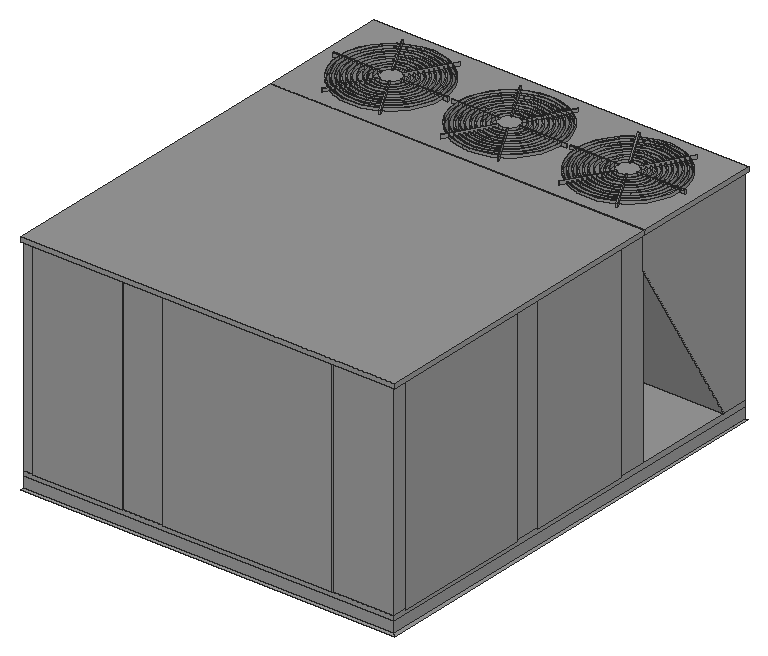
Revit family "RTU-3", category Mechanical Equipment, host Face, Revit 2025
Family settings
  Host = Face
  Round Connector Dimension = Use Diameter
  Classification = None
  Part Type = Normal
  Cut with Voids When Loaded = No
  Maintain Annotation Orientation = Yes
  Shared = No
  Room Calculation Point = No
Parameters (values of type "LCH 156 H4B L 1Y")
  URL = "https://tech.lennoxintl.com/C03e7o14l/VIu12Ch2uV/ehb_lch_cbox_2109.pdf"
  Model = "LCH 156 H4B L 1Y"
  Material = Aluminum 1100-O
  Manufacturer = "LENNOX"
  Grill Material = Steel, Paint Finish, Dark Gray
  Default Elevation = 48"
Reference planes (in)
  plane 1 "Center (Front/Back)": y = 0
  plane 2: z = 0
  plane 3 "Center (Left/Right)": x = 0
  plane 4: z = 53.5625
  plane 5: x = 44.5625
  plane 6: x = -44.5625
  plane 7: y = -52.75
  plane 8: y = 22.0625
  plane 9: z = 45.75
  plane 10: z = 54.625
  plane 11: y = 52.75
  plane 12: y = 46.375
  plane 13: x = -28.53125
  plane 14: y = 37.65625
  plane 15: x = 28.53125
  plane 16: x = 0
  plane 17: x = -12.5
  plane 18: x = 12.5
  plane 19: x = -30.90625
  plane 20: x = -31.90625
  plane 21: x = -32.90625
  plane 22: x = -33.90625
  plane 23: x = -34.90625
  plane 24: x = -35.90625
  plane 25: x = -36.90625
  plane 26: x = -37.90625
  plane 27: x = -38.90625
  plane 28: x = -39.90625
  plane 29: x = -40.90625
  plane 30: x = -42.34375
  plane 31: x = -41.03125
  plane 32: z = 55.25
  plane 33: x = -14.71875
  plane 34: x = -16.03125
  plane 35: through (-28.53125, 37.65625, 55) normal (-0.7071, -0.7071, 0)
  plane 36: through (-28.53125, 37.65625, 55) normal (-0.7071, 0.7071, 0)
  plane 37: through (-28.53125, 37.65625, 55) normal (0.7071, -0.7071, 0)
  plane 38: through (-28.53125, 37.65625, 55) normal (0.7071, 0.7071, 0)
  plane 39: x = -30.90625
  plane 40: x = -31.90625
  plane 41: x = -32.90625
  plane 42: x = -33.90625
  plane 43: x = -34.90625
  plane 44: x = -35.90625
  plane 45: x = -36.90625
  plane 46: x = -37.90625
  plane 47: x = -38.90625
  plane 48: x = -39.90625
  plane 49: x = -40.90625
  plane 50: x = -42.34375
  plane 51: x = -41.03125
  plane 52: x = -14.71875
  plane 53: x = -16.03125
  plane 54: x = -2.375
  plane 55: x = -3.375
  plane 56: x = -4.375
  plane 57: x = -5.375
  plane 58: x = -6.375
  plane 59: x = -7.375
  plane 60: x = -8.375
  plane 61: x = -9.375
  plane 62: x = -10.375
  plane 63: x = -11.375
  plane 64: x = -12.375
  plane 65: x = -13.8125
  plane 66: x = -12.5
  plane 67: x = 13.8125
  plane 68: x = 12.5
  plane 69: x = 26.15625
  plane 70: x = 25.15625
  plane 71: x = 24.15625
  plane 72: x = 23.15625
  plane 73: x = 22.15625
  plane 74: x = 21.15625
  plane 75: x = 20.15625
  plane 76: x = 19.15625
  plane 77: x = 18.15625
  plane 78: x = 17.15625
  plane 79: x = 16.15625
  plane 80: x = 14.71875
  plane 81: x = 16.03125
  plane 82: x = 42.34375
  plane 83: x = 41.03125
  plane 84: through (-34.15405, 50.35923, 110.75) normal (0.5, -0.866, 0)
  plane 85: through (-34.78125, 48.48157, 110.75) normal (-0.5, 0.866, 0)
  plane 86: through (-22.90845, 50.35923, 110.75) normal (0.5, 0.866, 0)
  plane 87: through (-22.28125, 48.48157, 110.75) normal (-0.5, -0.866, 0)
  plane 88: through (-34.15405, 24.95327, 110.75) normal (-0.5, -0.866, 0)
  plane 89: through (-34.78125, 26.83093, 110.75) normal (0.5, 0.866, 0)
  plane 90: through (-22.90845, 24.95327, 110.75) normal (-0.5, 0.866, 0)
  plane 91: through (-22.28125, 26.83093, 110.75) normal (0.5, -0.866, 0)
  plane 92: through (-34.15405, 50.35923, 110.75) normal (0.5, -0.866, 0)
  plane 93: through (-34.78125, 48.48157, 110.75) normal (-0.5, 0.866, 0)
  plane 94: through (-22.90845, 50.35923, 110.75) normal (0.5, 0.866, 0)
  plane 95: through (-22.28125, 48.48157, 110.75) normal (-0.5, -0.866, 0)
  plane 96: through (-34.15405, 24.95327, 110.75) normal (-0.5, -0.866, 0)
  plane 97: through (-34.78125, 26.83093, 110.75) normal (0.5, 0.866, 0)
  plane 98: through (-22.90845, 24.95327, 110.75) normal (-0.5, 0.866, 0)
  plane 99: through (-22.28125, 26.83093, 110.75) normal (0.5, -0.866, 0)
  plane 100: through (-5.6228, 50.35923, 110.75) normal (0.5, -0.866, 0)
  plane 101: through (-6.25, 48.48157, 110.75) normal (-0.5, 0.866, 0)
  plane 102: through (5.6228, 50.35923, 110.75) normal (0.5, 0.866, 0)
  plane 103: through (6.25, 48.48157, 110.75) normal (-0.5, -0.866, 0)
  plane 104: through (-5.6228, 24.95327, 110.75) normal (-0.5, -0.866, 0)
  plane 105: through (-6.25, 26.83093, 110.75) normal (0.5, 0.866, 0)
  plane 106: through (5.6228, 24.95327, 110.75) normal (-0.5, 0.866, 0)
  plane 107: through (6.25, 26.83093, 110.75) normal (0.5, -0.866, 0)
  plane 108: through (22.90845, 50.35923, 110.75) normal (0.5, -0.866, 0)
  plane 109: through (22.28125, 48.48157, 110.75) normal (-0.5, 0.866, 0)
  plane 110: through (34.15405, 50.35923, 110.75) normal (0.5, 0.866, 0)
  plane 111: through (34.78125, 48.48157, 110.75) normal (-0.5, -0.866, 0)
  plane 112: through (22.90845, 24.95327, 110.75) normal (-0.5, -0.866, 0)
  plane 113: through (22.28125, 26.83093, 110.75) normal (0.5, 0.866, 0)
  plane 114: through (34.15405, 24.95327, 110.75) normal (-0.5, 0.866, 0)
  plane 115: through (34.78125, 26.83093, 110.75) normal (0.5, -0.866, 0)
  plane 116: x = 44.5625
Forms (in)
  Extrusion 1, solid, material "Aluminum 1100-O" <- "Material"
    sketch origin (0, 0, 0) x (1, 0, 0) y (0, 1, 0)
      loop
        line (-44.5625, 22.0625) -> (-44.5625, -52.75) -> (44.5625, -52.75) -> (44.5625, 22.0625) -> (-44.5625, 22.0625)
    from 4.125 to 53.5625
  Extrusion 2, solid, material "Aluminum 1100-O" <- "Material"
    sketch origin (0, 0, -50.125) x (1, 0, 0) y (0, 1, 0)
      loop
        line (-44.5625, 52.75) -> (-44.5625, -52.75) -> (44.5625, -52.75) -> (44.5625, 52.75) -> (-44.5625, 52.75)
    from 53.0625 to 54.25
  Extrusion 3, solid, material "Aluminum 1100-O" <- "Material"
    sketch origin (0, 0, -51.3125) x (1, 0, 0) y (0, 1, 0)
      loop
        line (-44.5625, 52.75) -> (-44.5625, -52.75) -> (44.5625, -52.75) -> (44.5625, 52.75) -> (-44.5625, 52.75)
    from 51.6875 to 54.25
  Blend 4, solid, material "Aluminum 1100-O" <- "Material"
    base sketch origin (0, 0, 0) x (1, 0, 0) y (0, 1, 0)
      loop
        line (-45.0625, 53.25) -> (-45.0625, -53.25) -> (45.0625, -53.25) -> (45.0625, 53.25) -> (-45.0625, 53.25)
    top sketch origin (0, 0, 0) x (1, 0, 0) y (0, 1, 0)
      loop
        line (-44.5625, 52.75) -> (-44.5625, -52.75) -> (44.5625, -52.75) -> (44.5625, 52.75) -> (-44.5625, 52.75)
    from 0 to 0.375
  Extrusion 5, solid, material "Aluminum 1100-O" <- "Material"
    sketch origin (0, 0, 0) x (0, 1, 0) y (0, 0, 1)
      loop
        line (22.0625, 45.75) -> (46.375, 4.125) -> (52.75, 4.125) -> (52.75, 53.5625) -> (22.0625, 53.5625) -> (22.0625, 45.75)
    from -44.5625 to 44.5625
  Extrusion 6, solid, material "Aluminum 1100-O" <- "Material"
    sketch origin (0, 0, 0) x (1, 0, 0) y (0, 1, 0)
      loop
        line (-45.0625, 22.0625) -> (-45.0625, -53.25) -> (45.0625, -53.25) -> (45.0625, 22.0625) -> (-45.0625, 22.0625)
    from 53.5625 to 54.625
  Extrusion 7, solid, material "Aluminum 1100-O" <- "Material"
    sketch origin (0, 75.3125, 0) x (1, 0, 0) y (0, 1, 0)
      loop
        line (-45.0625, -22.0625) -> (-45.0625, -53.25) -> (45.0625, -53.25) -> (45.0625, -22.0625) -> (-45.0625, -22.0625)
    from 53.5625 to 54.625
  Extrusion 8, void
    sketch origin (-8.58719, -1.71744, 0) x (1, 0, 0) y (0, 1, 0)
      loop
        circle (8.58719, 39.37369) r 12.5
      loop
        circle (-19.94406, 39.37369) r 12.5
      loop
        circle (37.11844, 39.37369) r 12.5
    from 45.45857 to 54.625
  Extrusion 9, solid, material "Steel, Paint Finish, Dark Gray" <- "Grill Material"
    sketch origin (0, 0, 54.625) x (1, 0, 0) y (0, 1, 0)
      loop
        circle (-28.53125, 37.65625) r 2.375
      loop
        circle (-28.53125, 37.65625) r 3.375
      loop
        circle (-28.53125, 37.65625) r 3.5
      loop
        circle (-28.53125, 37.65625) r 4.375
      loop
        circle (-28.53125, 37.65625) r 5.25
      loop
        circle (-28.53125, 37.65625) r 4.5
      loop
        circle (-28.53125, 37.65625) r 5.375
      loop
        circle (-28.53125, 37.65625) r 6.375
      loop
        circle (-28.53125, 37.65625) r 7.375
      loop
        circle (-28.53125, 37.65625) r 9.375
      loop
        circle (-28.53125, 37.65625) r 10.375
      loop
        circle (-28.53125, 37.65625) r 11.375
      loop
        circle (-28.53125, 37.65625) r 12.375
      loop
        circle (-28.53125, 37.65625) r 12.5
      loop
        circle (-28.53125, 37.65625) r 7.5
      loop
        circle (-28.53125, 37.65625) r 9.5
      loop
        circle (-28.53125, 37.65625) r 10.5
      loop
        circle (-28.53125, 37.65625) r 11.5
      loop
        circle (-28.53125, 37.65625) r 8.375
      loop
        circle (-28.53125, 37.65625) r 8.5
      loop
        circle (-28.53125, 37.65625) r 6.5
    from 0 to 0.625
  Extrusion 10, solid, material "Steel, Paint Finish, Dark Gray" <- "Grill Material"
    sketch origin (0, 0, 55.75) x (1, 0, 0) y (0, 1, 0)
      loop
        line (-42.34375, 37.78125) -> (-42.34375, 37.53125) -> (-30.90296, 37.53125)
        arc (-30.90296, 37.53125) -> (-30.90543, 37.59373) -> (-30.90625, 37.65625) r 2.375
        arc (-30.90625, 37.65625) -> (-30.90543, 37.71877) -> (-30.90296, 37.78125) r 2.375
        line (-30.90296, 37.78125) -> (-42.34375, 37.78125)
    from -1.125 to -0.3427
  Extrusion 11, solid, material "Steel, Paint Finish, Dark Gray" <- "Grill Material"
    sketch origin (-57.0625, 0, 55.75) x (-1, 0, 0) y (0, -1, 0)
      loop
        line (-42.34375, -37.78125) -> (-30.90296, -37.78125)
        arc (-30.90296, -37.78125) -> (-30.90543, -37.71877) -> (-30.90625, -37.65625) r 2.375
        arc (-30.90625, -37.65625) -> (-30.90543, -37.59373) -> (-30.90296, -37.53125) r 2.375
        line (-30.90296, -37.53125) -> (-42.34375, -37.53125) -> (-42.34375, -37.78125)
    from -1.125 to -0.3427
  Extrusion 12, solid, material "Steel, Paint Finish, Dark Gray" <- "Grill Material", not visible
    sketch origin (0, 0, 54.625) x (1, 0, 0) y (0, 1, 0)
      loop
        circle (-28.53125, 37.65625) r 2.375
      loop
        circle (-28.53125, 37.65625) r 3.375
      loop
        circle (-28.53125, 37.65625) r 3.5
      loop
        circle (-28.53125, 37.65625) r 4.375
      loop
        circle (-28.53125, 37.65625) r 5.25
      loop
        circle (-28.53125, 37.65625) r 4.5
      loop
        circle (-28.53125, 37.65625) r 5.375
      loop
        circle (-28.53125, 37.65625) r 6.375
      loop
        circle (-28.53125, 37.65625) r 7.375
      loop
        circle (-28.53125, 37.65625) r 9.375
      loop
        circle (-28.53125, 37.65625) r 10.375
      loop
        circle (-28.53125, 37.65625) r 11.375
      loop
        circle (-28.53125, 37.65625) r 12.375
      loop
        circle (-28.53125, 37.65625) r 12.5
      loop
        circle (-28.53125, 37.65625) r 7.5
      loop
        circle (-28.53125, 37.65625) r 9.5
      loop
        circle (-28.53125, 37.65625) r 10.5
      loop
        circle (-28.53125, 37.65625) r 11.5
      loop
        circle (-28.53125, 37.65625) r 8.375
      loop
        circle (-28.53125, 37.65625) r 8.5
      loop
        circle (-28.53125, 37.65625) r 6.5
    from 0 to 0.625
  Extrusion 13, solid, material "Steel, Paint Finish, Dark Gray" <- "Grill Material", not visible
    sketch origin (0, 0, 55.75) x (1, 0, 0) y (0, 1, 0)
      loop
        line (-42.34375, 37.78125) -> (-42.34375, 37.53125) -> (-30.90296, 37.53125)
        arc (-30.90296, 37.53125) -> (-30.90543, 37.59373) -> (-30.90625, 37.65625) r 2.375
        arc (-30.90625, 37.65625) -> (-30.90543, 37.71877) -> (-30.90296, 37.78125) r 2.375
        line (-30.90296, 37.78125) -> (-42.34375, 37.78125)
    from -1.125 to -0.3427
  Extrusion 14, solid, material "Steel, Paint Finish, Dark Gray" <- "Grill Material", not visible
    sketch origin (-57.0625, 0, 55.75) x (-1, 0, 0) y (0, -1, 0)
      loop
        line (-42.34375, -37.78125) -> (-30.90296, -37.78125)
        arc (-30.90296, -37.78125) -> (-30.90543, -37.71877) -> (-30.90625, -37.65625) r 2.375
        arc (-30.90625, -37.65625) -> (-30.90543, -37.59373) -> (-30.90296, -37.53125) r 2.375
        line (-30.90296, -37.53125) -> (-42.34375, -37.53125) -> (-42.34375, -37.78125)
    from -1.125 to -0.3427
  Extrusion 15, solid, material "Steel, Paint Finish, Dark Gray" <- "Grill Material"
    sketch origin (28.53125, 0, 54.625) x (1, 0, 0) y (0, 1, 0)
      loop
        circle (-28.53125, 37.65625) r 2.375
      loop
        circle (-28.53125, 37.65625) r 3.375
      loop
        circle (-28.53125, 37.65625) r 3.5
      loop
        circle (-28.53125, 37.65625) r 4.375
      loop
        circle (-28.53125, 37.65625) r 5.25
      loop
        circle (-28.53125, 37.65625) r 4.5
      loop
        circle (-28.53125, 37.65625) r 5.375
      loop
        circle (-28.53125, 37.65625) r 6.375
      loop
        circle (-28.53125, 37.65625) r 7.375
      loop
        circle (-28.53125, 37.65625) r 9.375
      loop
        circle (-28.53125, 37.65625) r 10.375
      loop
        circle (-28.53125, 37.65625) r 11.375
      loop
        circle (-28.53125, 37.65625) r 12.375
      loop
        circle (-28.53125, 37.65625) r 12.5
      loop
        circle (-28.53125, 37.65625) r 7.5
      loop
        circle (-28.53125, 37.65625) r 9.5
      loop
        circle (-28.53125, 37.65625) r 10.5
      loop
        circle (-28.53125, 37.65625) r 11.5
      loop
        circle (-28.53125, 37.65625) r 8.375
      loop
        circle (-28.53125, 37.65625) r 8.5
      loop
        circle (-28.53125, 37.65625) r 6.5
    from 0 to 0.625
  Extrusion 16, solid, material "Steel, Paint Finish, Dark Gray" <- "Grill Material"
    sketch origin (28.53125, 0, 55.75) x (1, 0, 0) y (0, 1, 0)
      loop
        line (-42.34375, 37.78125) -> (-42.34375, 37.53125) -> (-30.90296, 37.53125)
        arc (-30.90296, 37.53125) -> (-30.90543, 37.59373) -> (-30.90625, 37.65625) r 2.375
        arc (-30.90625, 37.65625) -> (-30.90543, 37.71877) -> (-30.90296, 37.78125) r 2.375
        line (-30.90296, 37.78125) -> (-42.34375, 37.78125)
    from -1.125 to -0.3427
  Extrusion 17, solid, material "Steel, Paint Finish, Dark Gray" <- "Grill Material"
    sketch origin (-28.53125, 0, 55.75) x (-1, 0, 0) y (0, -1, 0)
      loop
        line (-42.34375, -37.78125) -> (-30.90296, -37.78125)
        arc (-30.90296, -37.78125) -> (-30.90543, -37.71877) -> (-30.90625, -37.65625) r 2.375
        arc (-30.90625, -37.65625) -> (-30.90543, -37.59373) -> (-30.90296, -37.53125) r 2.375
        line (-30.90296, -37.53125) -> (-42.34375, -37.53125) -> (-42.34375, -37.78125)
    from -1.125 to -0.3427
  Extrusion 18, solid, material "Steel, Paint Finish, Dark Gray" <- "Grill Material"
    sketch origin (57.0625, 0, 54.625) x (1, 0, 0) y (0, 1, 0)
      loop
        circle (-28.53125, 37.65625) r 2.375
      loop
        circle (-28.53125, 37.65625) r 3.375
      loop
        circle (-28.53125, 37.65625) r 3.5
      loop
        circle (-28.53125, 37.65625) r 4.375
      loop
        circle (-28.53125, 37.65625) r 5.25
      loop
        circle (-28.53125, 37.65625) r 4.5
      loop
        circle (-28.53125, 37.65625) r 5.375
      loop
        circle (-28.53125, 37.65625) r 6.375
      loop
        circle (-28.53125, 37.65625) r 7.375
      loop
        circle (-28.53125, 37.65625) r 9.375
      loop
        circle (-28.53125, 37.65625) r 10.375
      loop
        circle (-28.53125, 37.65625) r 11.375
      loop
        circle (-28.53125, 37.65625) r 12.375
      loop
        circle (-28.53125, 37.65625) r 12.5
      loop
        circle (-28.53125, 37.65625) r 7.5
      loop
        circle (-28.53125, 37.65625) r 9.5
      loop
        circle (-28.53125, 37.65625) r 10.5
      loop
        circle (-28.53125, 37.65625) r 11.5
      loop
        circle (-28.53125, 37.65625) r 8.375
      loop
        circle (-28.53125, 37.65625) r 8.5
      loop
        circle (-28.53125, 37.65625) r 6.5
    from 0 to 0.625
  Extrusion 19, solid, material "Steel, Paint Finish, Dark Gray" <- "Grill Material"
    sketch origin (57.0625, 0, 55.75) x (1, 0, 0) y (0, 1, 0)
      loop
        line (-42.34375, 37.78125) -> (-42.34375, 37.53125) -> (-30.90296, 37.53125)
        arc (-30.90296, 37.53125) -> (-30.90543, 37.59373) -> (-30.90625, 37.65625) r 2.375
        arc (-30.90625, 37.65625) -> (-30.90543, 37.71877) -> (-30.90296, 37.78125) r 2.375
        line (-30.90296, 37.78125) -> (-42.34375, 37.78125)
    from -1.125 to -0.3427
  Extrusion 20, solid, material "Steel, Paint Finish, Dark Gray" <- "Grill Material"
    sketch origin (0, 0, 55.75) x (-1, 0, 0) y (0, -1, 0)
      loop
        line (-42.34375, -37.78125) -> (-30.90296, -37.78125)
        arc (-30.90296, -37.78125) -> (-30.90543, -37.71877) -> (-30.90625, -37.65625) r 2.375
        arc (-30.90625, -37.65625) -> (-30.90543, -37.59373) -> (-30.90296, -37.53125) r 2.375
        line (-30.90296, -37.53125) -> (-42.34375, -37.53125) -> (-42.34375, -37.78125)
    from -1.125 to -0.3427
  Extrusion 21, void
    sketch origin (0, 0, 0) x (1, 0, 0) y (0, 1, 0)
      loop
        line (-40.8125, 20.5) -> (-40.8125, -39.5) -> (-19.44507, -39.5) -> (-19.44507, 20.5) -> (-40.8125, 20.5)
      loop
        line (-8.4375, 20.5) -> (-8.4375, -39.5) -> (11.5625, -39.5) -> (11.5625, 20.5) -> (-8.4375, 20.5)
      loop
        line (33.0625, -44.25) -> (33.0625, -49.25) -> (41.0625, -49.25) -> (41.0625, -44.25) -> (33.0625, -44.25)
    from 0 to 12
  Extrusion 22, solid, material "Steel, Paint Finish, Dark Gray" <- "Grill Material"
    sketch origin (-46.87689, -5.88066, 55.75) x (0.5, -0.866025, 0) y (0.866025, 0.5, 0)
      loop
        line (-42.34375, 37.78125) -> (-42.34375, 37.53125) -> (-30.90296, 37.53125)
        arc (-30.90296, 37.53125) -> (-30.90543, 37.59373) -> (-30.90625, 37.65625) r 2.375
        arc (-30.90625, 37.65625) -> (-30.90543, 37.71877) -> (-30.90296, 37.78125) r 2.375
        line (-30.90296, 37.78125) -> (-42.34375, 37.78125)
    from -1.125 to -0.3427
  Extrusion 23, solid, material "Steel, Paint Finish, Dark Gray" <- "Grill Material"
    sketch origin (-10.18561, -5.88066, 55.75) x (-0.5, -0.866025, 0) y (0.866025, -0.5, 0)
      loop
        line (-42.34375, -37.78125) -> (-30.90296, -37.78125)
        arc (-30.90296, -37.78125) -> (-30.90543, -37.71877) -> (-30.90625, -37.65625) r 2.375
        arc (-30.90625, -37.65625) -> (-30.90543, -37.59373) -> (-30.90296, -37.53125) r 2.375
        line (-30.90296, -37.53125) -> (-42.34375, -37.53125) -> (-42.34375, -37.78125)
    from -1.125 to -0.3427
  Extrusion 24, solid, material "Steel, Paint Finish, Dark Gray" <- "Grill Material"
    sketch origin (-46.87689, 81.19316, 55.75) x (0.5, 0.866025, 0) y (-0.866025, 0.5, 0)
      loop
        line (-42.34375, -37.78125) -> (-30.90296, -37.78125)
        arc (-30.90296, -37.78125) -> (-30.90543, -37.71877) -> (-30.90625, -37.65625) r 2.375
        arc (-30.90625, -37.65625) -> (-30.90543, -37.59373) -> (-30.90296, -37.53125) r 2.375
        line (-30.90296, -37.53125) -> (-42.34375, -37.53125) -> (-42.34375, -37.78125)
    from -1.125 to -0.3427
  Extrusion 25, solid, material "Steel, Paint Finish, Dark Gray" <- "Grill Material"
    sketch origin (-10.18561, 81.19316, 55.75) x (-0.5, 0.866025, 0) y (-0.866025, -0.5, 0)
      loop
        line (-42.34375, 37.78125) -> (-42.34375, 37.53125) -> (-30.90296, 37.53125)
        arc (-30.90296, 37.53125) -> (-30.90543, 37.59373) -> (-30.90625, 37.65625) r 2.375
        arc (-30.90625, 37.65625) -> (-30.90543, 37.71877) -> (-30.90296, 37.78125) r 2.375
        line (-30.90296, 37.78125) -> (-42.34375, 37.78125)
    from -1.125 to -0.3427
  Extrusion 26, solid, material "Steel, Paint Finish, Dark Gray" <- "Grill Material", not visible
    sketch origin (-46.87689, -5.88066, 55.75) x (0.5, -0.866025, 0) y (0.866025, 0.5, 0)
      loop
        line (-42.34375, 37.78125) -> (-42.34375, 37.53125) -> (-30.90296, 37.53125)
        arc (-30.90296, 37.53125) -> (-30.90543, 37.59373) -> (-30.90625, 37.65625) r 2.375
        arc (-30.90625, 37.65625) -> (-30.90543, 37.71877) -> (-30.90296, 37.78125) r 2.375
        line (-30.90296, 37.78125) -> (-42.34375, 37.78125)
    from -1.125 to -0.3427
  Extrusion 27, solid, material "Steel, Paint Finish, Dark Gray" <- "Grill Material", not visible
    sketch origin (-10.18561, -5.88066, 55.75) x (-0.5, -0.866025, 0) y (0.866025, -0.5, 0)
      loop
        line (-42.34375, -37.78125) -> (-30.90296, -37.78125)
        arc (-30.90296, -37.78125) -> (-30.90543, -37.71877) -> (-30.90625, -37.65625) r 2.375
        arc (-30.90625, -37.65625) -> (-30.90543, -37.59373) -> (-30.90296, -37.53125) r 2.375
        line (-30.90296, -37.53125) -> (-42.34375, -37.53125) -> (-42.34375, -37.78125)
    from -1.125 to -0.3427
  Extrusion 28, solid, material "Steel, Paint Finish, Dark Gray" <- "Grill Material", not visible
    sketch origin (-46.87689, 81.19316, 55.75) x (0.5, 0.866025, 0) y (-0.866025, 0.5, 0)
      loop
        line (-42.34375, -37.78125) -> (-30.90296, -37.78125)
        arc (-30.90296, -37.78125) -> (-30.90543, -37.71877) -> (-30.90625, -37.65625) r 2.375
        arc (-30.90625, -37.65625) -> (-30.90543, -37.59373) -> (-30.90296, -37.53125) r 2.375
        line (-30.90296, -37.53125) -> (-42.34375, -37.53125) -> (-42.34375, -37.78125)
    from -1.125 to -0.3427
  Extrusion 29, solid, material "Steel, Paint Finish, Dark Gray" <- "Grill Material", not visible
    sketch origin (-10.18561, 81.19316, 55.75) x (-0.5, 0.866025, 0) y (-0.866025, -0.5, 0)
      loop
        line (-42.34375, 37.78125) -> (-42.34375, 37.53125) -> (-30.90296, 37.53125)
        arc (-30.90296, 37.53125) -> (-30.90543, 37.59373) -> (-30.90625, 37.65625) r 2.375
        arc (-30.90625, 37.65625) -> (-30.90543, 37.71877) -> (-30.90296, 37.78125) r 2.375
        line (-30.90296, 37.78125) -> (-42.34375, 37.78125)
    from -1.125 to -0.3427
  Extrusion 30, solid, material "Steel, Paint Finish, Dark Gray" <- "Grill Material"
    sketch origin (-18.34564, -5.88066, 55.75) x (0.5, -0.866025, 0) y (0.866025, 0.5, 0)
      loop
        line (-42.34375, 37.78125) -> (-42.34375, 37.53125) -> (-30.90296, 37.53125)
        arc (-30.90296, 37.53125) -> (-30.90543, 37.59373) -> (-30.90625, 37.65625) r 2.375
        arc (-30.90625, 37.65625) -> (-30.90543, 37.71877) -> (-30.90296, 37.78125) r 2.375
        line (-30.90296, 37.78125) -> (-42.34375, 37.78125)
    from -1.125 to -0.3427
  Extrusion 31, solid, material "Steel, Paint Finish, Dark Gray" <- "Grill Material"
    sketch origin (18.34564, -5.88066, 55.75) x (-0.5, -0.866025, 0) y (0.866025, -0.5, 0)
      loop
        line (-42.34375, -37.78125) -> (-30.90296, -37.78125)
        arc (-30.90296, -37.78125) -> (-30.90543, -37.71877) -> (-30.90625, -37.65625) r 2.375
        arc (-30.90625, -37.65625) -> (-30.90543, -37.59373) -> (-30.90296, -37.53125) r 2.375
        line (-30.90296, -37.53125) -> (-42.34375, -37.53125) -> (-42.34375, -37.78125)
    from -1.125 to -0.3427
  Extrusion 32, solid, material "Steel, Paint Finish, Dark Gray" <- "Grill Material"
    sketch origin (-18.34564, 81.19316, 55.75) x (0.5, 0.866025, 0) y (-0.866025, 0.5, 0)
      loop
        line (-42.34375, -37.78125) -> (-30.90296, -37.78125)
        arc (-30.90296, -37.78125) -> (-30.90543, -37.71877) -> (-30.90625, -37.65625) r 2.375
        arc (-30.90625, -37.65625) -> (-30.90543, -37.59373) -> (-30.90296, -37.53125) r 2.375
        line (-30.90296, -37.53125) -> (-42.34375, -37.53125) -> (-42.34375, -37.78125)
    from -1.125 to -0.3427
  Extrusion 33, solid, material "Steel, Paint Finish, Dark Gray" <- "Grill Material"
    sketch origin (18.34564, 81.19316, 55.75) x (-0.5, 0.866025, 0) y (-0.866025, -0.5, 0)
      loop
        line (-42.34375, 37.78125) -> (-42.34375, 37.53125) -> (-30.90296, 37.53125)
        arc (-30.90296, 37.53125) -> (-30.90543, 37.59373) -> (-30.90625, 37.65625) r 2.375
        arc (-30.90625, 37.65625) -> (-30.90543, 37.71877) -> (-30.90296, 37.78125) r 2.375
        line (-30.90296, 37.78125) -> (-42.34375, 37.78125)
    from -1.125 to -0.3427
  Extrusion 34, solid, material "Steel, Paint Finish, Dark Gray" <- "Grill Material"
    sketch origin (10.18561, -5.88066, 55.75) x (0.5, -0.866025, 0) y (0.866025, 0.5, 0)
      loop
        line (-42.34375, 37.78125) -> (-42.34375, 37.53125) -> (-30.90296, 37.53125)
        arc (-30.90296, 37.53125) -> (-30.90543, 37.59373) -> (-30.90625, 37.65625) r 2.375
        arc (-30.90625, 37.65625) -> (-30.90543, 37.71877) -> (-30.90296, 37.78125) r 2.375
        line (-30.90296, 37.78125) -> (-42.34375, 37.78125)
    from -1.125 to -0.3427
  Extrusion 35, solid, material "Steel, Paint Finish, Dark Gray" <- "Grill Material"
    sketch origin (46.87689, -5.88066, 55.75) x (-0.5, -0.866025, 0) y (0.866025, -0.5, 0)
      loop
        line (-42.34375, -37.78125) -> (-30.90296, -37.78125)
        arc (-30.90296, -37.78125) -> (-30.90543, -37.71877) -> (-30.90625, -37.65625) r 2.375
        arc (-30.90625, -37.65625) -> (-30.90543, -37.59373) -> (-30.90296, -37.53125) r 2.375
        line (-30.90296, -37.53125) -> (-42.34375, -37.53125) -> (-42.34375, -37.78125)
    from -1.125 to -0.3427
  Extrusion 36, solid, material "Steel, Paint Finish, Dark Gray" <- "Grill Material"
    sketch origin (10.18561, 81.19316, 55.75) x (0.5, 0.866025, 0) y (-0.866025, 0.5, 0)
      loop
        line (-42.34375, -37.78125) -> (-30.90296, -37.78125)
        arc (-30.90296, -37.78125) -> (-30.90543, -37.71877) -> (-30.90625, -37.65625) r 2.375
        arc (-30.90625, -37.65625) -> (-30.90543, -37.59373) -> (-30.90296, -37.53125) r 2.375
        line (-30.90296, -37.53125) -> (-42.34375, -37.53125) -> (-42.34375, -37.78125)
    from -1.125 to -0.3427
  Extrusion 37, solid, material "Steel, Paint Finish, Dark Gray" <- "Grill Material"
    sketch origin (46.87689, 81.19316, 55.75) x (-0.5, 0.866025, 0) y (-0.866025, -0.5, 0)
      loop
        line (-42.34375, 37.78125) -> (-42.34375, 37.53125) -> (-30.90296, 37.53125)
        arc (-30.90296, 37.53125) -> (-30.90543, 37.59373) -> (-30.90625, 37.65625) r 2.375
        arc (-30.90625, 37.65625) -> (-30.90543, 37.71877) -> (-30.90296, 37.78125) r 2.375
        line (-30.90296, 37.78125) -> (-42.34375, 37.78125)
    from -1.125 to -0.3427
Cuts and joins
  Extrusion 8, Extrusion 21 cuts Extrusion 2
  Extrusion 8, Extrusion 21 cuts Extrusion 3
  Extrusion 8, Extrusion 21 cuts Blend 4
  Extrusion 8 cuts Extrusion 5
  Extrusion 8 cuts Extrusion 7
  Extrusion 21 cuts Extrusion 1
Dimensions and locks (in)
  equal spacing: Extrusion 1 sketch curve, plane 3 "Center (Left/Right)", Extrusion 1 sketch curve
  plane 3 "Center (Left/Right)" to Extrusion 1 sketch curve = 44 9/16"
  Extrusion 1 sketch curve to Extrusion 1 sketch curve = 89 1/8"
  plane 1 "Center (Front/Back)" to Extrusion 1 sketch curve = 52 3/4"
  Extrusion 1 sketch curve to Extrusion 1 sketch curve = 74 13/16"
  plane 4 to plane 2 = 53 9/16"  (x2)
  Extrusion 1 to nested 1 = 3 1/8"  (x2)
  plane 4 to nested 1 = 0"
  nested 1 to nested 2 = 6 3/8"
  plane 2 to plane 4 = 53 9/16"
  Extrusion 2 sketch curve to Extrusion 2 sketch curve = 89 1/8"  (x2)
  Extrusion 2 sketch curve to Extrusion 2 sketch curve = 105 1/2"  (x2)
  Extrusion 3 sketch curve to Extrusion 3 sketch curve = 89 1/8"  (x2)
  Extrusion 3 sketch curve to Extrusion 3 sketch curve = 105 1/2"  (x2)
  plane 6 to Extrusion 1 = 0"
  nested 1 to nested 1 = 33 1/2"
  equal spacing: cut or joined group of Extrusion 7, Extrusion 8, plane 14, cut or joined group of Extrusion 7, Extrusion 8
  equal spacing: plane 6, plane 13, plane 17
  equal spacing: plane 18, plane 15, plane 5
  Extrusion 6 to Extrusion 21 sketch curve = 4 1/4"
  Extrusion 21 sketch curve to Extrusion 6 = 13 3/4"
  Extrusion 21 sketch curve to Extrusion 21 sketch curve = 60"
  cut or joined group of Extrusion 1, Extrusion 21 to Extrusion 6 = 1/2"
  Extrusion 21 sketch curve to plane 116 = 33"
  plane 7 to Extrusion 21 sketch curve = 73 1/4"
  aligned and locked: host face to plane 2
  aligned and locked: host face to level
  aligned and locked: plane 4 to Extrusion 1
  aligned and locked: plane 4 to Extrusion 5
  aligned and locked: Extrusion 6 to plane 4
  aligned and locked: plane 10 to Extrusion 6
Automatic sketch dimensions
  Extrusion 9 sketch curve to Extrusion 9 sketch curve = 0"  (x460)
  Extrusion 10 sketch curve to Extrusion 10 sketch curve = 0"  (x4)
  Extrusion 10 sketch curve to plane 30 = 0"
  Extrusion 11 sketch curve to Extrusion 11 sketch curve = 0"  (x4)
  Extrusion 11 sketch curve to plane 33 = 0"
  Extrusion 9 sketch curve to plane 19 = 2 3/8"
  Extrusion 10 sketch curve to plane 31 = 10.12829"
  Extrusion 10 sketch curve to Extrusion 10 sketch curve = 2.37171"
  Extrusion 10 sketch curve to Extrusion 10 sketch curve = 1/8"
  Extrusion 11 sketch curve to plane 34 = 10.12829"
  Extrusion 11 sketch curve to Extrusion 11 sketch curve = 2.37171"
  Extrusion 11 sketch curve to Extrusion 11 sketch curve = 1/8"
  Extrusion 12 sketch curve to Extrusion 12 sketch curve = 0"  (x460)
  Extrusion 13 sketch curve to Extrusion 13 sketch curve = 0"  (x4)
  Extrusion 13 sketch curve to plane 50 = 0"
  Extrusion 14 sketch curve to Extrusion 14 sketch curve = 0"  (x4)
  Extrusion 14 sketch curve to plane 52 = 0"
  Extrusion 12 sketch curve to plane 39 = 2 3/8"
  Extrusion 13 sketch curve to plane 51 = 10.12829"
  Extrusion 13 sketch curve to Extrusion 13 sketch curve = 2.37171"
  Extrusion 13 sketch curve to Extrusion 13 sketch curve = 1/8"
  Extrusion 14 sketch curve to plane 53 = 10.12829"
  Extrusion 14 sketch curve to Extrusion 14 sketch curve = 2.37171"
  Extrusion 14 sketch curve to Extrusion 14 sketch curve = 1/8"
  Extrusion 15 sketch curve to Extrusion 15 sketch curve = 0"  (x460)
  Extrusion 16 sketch curve to Extrusion 16 sketch curve = 0"  (x4)
  Extrusion 16 sketch curve to plane 65 = 0"
  Extrusion 17 sketch curve to Extrusion 17 sketch curve = 0"  (x4)
  Extrusion 17 sketch curve to plane 67 = 0"
  Extrusion 15 sketch curve to plane 54 = 2 3/8"
  Extrusion 16 sketch curve to plane 66 = 10.12829"
  Extrusion 16 sketch curve to Extrusion 16 sketch curve = 2.37171"
  Extrusion 16 sketch curve to Extrusion 16 sketch curve = 1/8"
  Extrusion 17 sketch curve to plane 68 = 10.12829"
  Extrusion 17 sketch curve to Extrusion 17 sketch curve = 2.37171"
  Extrusion 17 sketch curve to Extrusion 17 sketch curve = 1/8"
  host sketch curve to host sketch curve = 306.31449"
  host sketch curve to host sketch curve = 326.2252"
  Extrusion 2 sketch curve to plane 6 = 0"
  plane 7 to Extrusion 2 sketch curve = 0"
  Extrusion 3 sketch curve to plane 6 = 0"
  plane 7 to Extrusion 3 sketch curve = 0"
  Extrusion 18 sketch curve to Extrusion 18 sketch curve = 0"  (x460)
  Extrusion 19 sketch curve to Extrusion 19 sketch curve = 0"  (x4)
  Extrusion 19 sketch curve to plane 80 = 0"
  Extrusion 20 sketch curve to Extrusion 20 sketch curve = 0"  (x4)
  Extrusion 20 sketch curve to plane 82 = 0"
  Extrusion 18 sketch curve to plane 69 = 2 3/8"
  Extrusion 19 sketch curve to plane 81 = 10.12829"
  Extrusion 19 sketch curve to Extrusion 19 sketch curve = 2.37171"
  Extrusion 19 sketch curve to Extrusion 19 sketch curve = 1/8"
  Extrusion 20 sketch curve to plane 83 = 10.12829"
  Extrusion 20 sketch curve to Extrusion 20 sketch curve = 2.37171"
  Extrusion 20 sketch curve to Extrusion 20 sketch curve = 1/8"
  Extrusion 22 sketch curve to Extrusion 22 sketch curve = 0"  (x6)
  plane 84 to Extrusion 22 sketch curve = 0"  (x2)
  Extrusion 22 sketch curve to plane 85 = 10.12829"  (x2)
  Extrusion 22 sketch curve to Extrusion 22 sketch curve = 2.37171"  (x2)
  Extrusion 22 sketch curve to Extrusion 22 sketch curve = 1/8"  (x2)
  Extrusion 23 sketch curve to Extrusion 23 sketch curve = 0"  (x6)
  plane 86 to Extrusion 23 sketch curve = 0"  (x2)
  Extrusion 23 sketch curve to plane 87 = 10.12829"  (x2)
  Extrusion 23 sketch curve to Extrusion 23 sketch curve = 2.37171"  (x2)
  Extrusion 23 sketch curve to Extrusion 23 sketch curve = 1/8"  (x2)
  Blend 4 sketch curve to plane 6 = 1/2"
  plane 5 to Blend 4 sketch curve = 1/2"
  plane 7 to Blend 4 sketch curve = 1/2"
  plane 11 to Blend 4 sketch curve = 1/2"
  Blend 4 sketch curve to plane 6 = 0"
  Blend 4 sketch curve to plane 5 = 0"
  plane 7 to Blend 4 sketch curve = 0"
  Blend 4 sketch curve to plane 11 = 0"
  Extrusion 5 sketch curve to plane 8 = 0"
  Extrusion 5 sketch curve to plane 12 = 0"
  Extrusion 5 sketch curve to plane 4 = 0"
  Extrusion 5 sketch curve to plane 11 = 0"
  Extrusion 5 sketch curve to plane 9 = 0"
  level to Extrusion 5 sketch curve = 4 1/8"
  Extrusion 6 sketch curve to plane 8 = 0"
  Extrusion 6 sketch curve to plane 6 = 1/2"
  plane 5 to Extrusion 6 sketch curve = 1/2"
  plane 7 to Extrusion 6 sketch curve = 1/2"
  Extrusion 7 sketch curve to plane 8 = 0"
  Extrusion 7 sketch curve to plane 6 = 1/2"
  plane 5 to Extrusion 7 sketch curve = 1/2"
  plane 11 to Extrusion 7 sketch curve = 1/2"
  Extrusion 8 sketch curve to plane 13 = 0"
  Extrusion 8 sketch curve to plane 3 "Center (Left/Right)" = 0"
  plane 14 to Extrusion 8 sketch curve = 0"
  Extrusion 8 sketch curve to plane 15 = 0"
  Extrusion 8 sketch curve to plane 14 = 0"  (x2)
  Extrusion 24 sketch curve to Extrusion 24 sketch curve = 0"  (x6)
  Extrusion 24 sketch curve to plane 88 = 0"  (x2)
  Extrusion 24 sketch curve to plane 89 = 10.12829"  (x2)
  Extrusion 24 sketch curve to Extrusion 24 sketch curve = 2.37171"  (x2)
  Extrusion 24 sketch curve to Extrusion 24 sketch curve = 1/8"  (x2)
  Extrusion 25 sketch curve to Extrusion 25 sketch curve = 0"  (x6)
  Extrusion 25 sketch curve to plane 90 = 0"  (x2)
  Extrusion 25 sketch curve to plane 91 = 10.12829"  (x2)
  Extrusion 25 sketch curve to Extrusion 25 sketch curve = 2.37171"  (x2)
  Extrusion 25 sketch curve to Extrusion 25 sketch curve = 1/8"  (x2)
  Extrusion 30 sketch curve to Extrusion 30 sketch curve = 0"  (x6)
  plane 100 to Extrusion 30 sketch curve = 0"  (x2)
  Extrusion 30 sketch curve to plane 101 = 10.12829"  (x2)
  Extrusion 30 sketch curve to Extrusion 30 sketch curve = 2.37171"  (x2)
  Extrusion 30 sketch curve to Extrusion 30 sketch curve = 1/8"  (x2)
  Extrusion 31 sketch curve to Extrusion 31 sketch curve = 0"  (x6)
  plane 102 to Extrusion 31 sketch curve = 0"  (x2)
  Extrusion 31 sketch curve to plane 103 = 10.12829"  (x2)
  Extrusion 31 sketch curve to Extrusion 31 sketch curve = 2.37171"  (x2)
  Extrusion 31 sketch curve to Extrusion 31 sketch curve = 1/8"  (x2)
  Extrusion 32 sketch curve to Extrusion 32 sketch curve = 0"  (x6)
  Extrusion 32 sketch curve to plane 104 = 0"  (x2)
  Extrusion 32 sketch curve to plane 105 = 10.12829"  (x2)
  Extrusion 32 sketch curve to Extrusion 32 sketch curve = 2.37171"  (x2)
  Extrusion 32 sketch curve to Extrusion 32 sketch curve = 1/8"  (x2)
  Extrusion 33 sketch curve to Extrusion 33 sketch curve = 0"  (x6)
  Extrusion 33 sketch curve to plane 106 = 0"  (x2)
  Extrusion 33 sketch curve to plane 107 = 10.12829"  (x2)
  Extrusion 33 sketch curve to Extrusion 33 sketch curve = 2.37171"  (x2)
  Extrusion 33 sketch curve to Extrusion 33 sketch curve = 1/8"  (x2)
  Extrusion 34 sketch curve to Extrusion 34 sketch curve = 0"  (x3)
  plane 108 to Extrusion 34 sketch curve = 0"
  Extrusion 34 sketch curve to plane 109 = 10.12829"
  Extrusion 34 sketch curve to Extrusion 34 sketch curve = 2.37171"
  Extrusion 34 sketch curve to Extrusion 34 sketch curve = 1/8"
  Extrusion 35 sketch curve to Extrusion 35 sketch curve = 0"  (x3)
  plane 110 to Extrusion 35 sketch curve = 0"
  Extrusion 35 sketch curve to plane 111 = 10.12829"
  Extrusion 35 sketch curve to Extrusion 35 sketch curve = 2.37171"
  Extrusion 35 sketch curve to Extrusion 35 sketch curve = 1/8"
  Extrusion 36 sketch curve to Extrusion 36 sketch curve = 0"  (x3)
  Extrusion 36 sketch curve to plane 112 = 0"
  Extrusion 36 sketch curve to plane 113 = 10.12829"
  Extrusion 36 sketch curve to Extrusion 36 sketch curve = 2.37171"
  Extrusion 36 sketch curve to Extrusion 36 sketch curve = 1/8"
  Extrusion 37 sketch curve to Extrusion 37 sketch curve = 0"  (x3)
  Extrusion 37 sketch curve to plane 114 = 0"
  Extrusion 37 sketch curve to plane 115 = 10.12829"
  Extrusion 37 sketch curve to Extrusion 37 sketch curve = 2.37171"
  Extrusion 37 sketch curve to Extrusion 37 sketch curve = 1/8"
  Extrusion 26 sketch curve to Extrusion 26 sketch curve = 0"  (x3)
  plane 92 to Extrusion 26 sketch curve = 0"
  Extrusion 26 sketch curve to plane 93 = 10.12829"
  Extrusion 26 sketch curve to Extrusion 26 sketch curve = 2.37171"
  Extrusion 26 sketch curve to Extrusion 26 sketch curve = 1/8"
  Extrusion 27 sketch curve to Extrusion 27 sketch curve = 0"  (x3)
  plane 94 to Extrusion 27 sketch curve = 0"
  Extrusion 27 sketch curve to plane 95 = 10.12829"
  Extrusion 27 sketch curve to Extrusion 27 sketch curve = 2.37171"
  Extrusion 27 sketch curve to Extrusion 27 sketch curve = 1/8"
  Extrusion 28 sketch curve to Extrusion 28 sketch curve = 0"  (x3)
  Extrusion 28 sketch curve to plane 96 = 0"
  Extrusion 28 sketch curve to plane 97 = 10.12829"
  Extrusion 28 sketch curve to Extrusion 28 sketch curve = 2.37171"
  Extrusion 28 sketch curve to Extrusion 28 sketch curve = 1/8"
  Extrusion 29 sketch curve to Extrusion 29 sketch curve = 0"  (x3)
  Extrusion 29 sketch curve to plane 98 = 0"
  Extrusion 29 sketch curve to plane 99 = 10.12829"
  Extrusion 29 sketch curve to Extrusion 29 sketch curve = 2.37171"
  Extrusion 29 sketch curve to Extrusion 29 sketch curve = 1/8"
  plane 17 to Extrusion 21 sketch curve = 6.94507"
  Extrusion 21 sketch curve to plane 3 "Center (Left/Right)" = 8 7/16"
  plane 15 to Extrusion 21 sketch curve = 4 17/32"
  Extrusion 21 sketch curve to plane 5 = 3 1/2"
  Extrusion 21 sketch curve to plane 7 = 8 1/2"
  Extrusion 21 sketch curve to plane 7 = 3 1/2"
  plane 1 "Center (Front/Back)" to Extrusion 21 sketch curve = 39 1/2"
  radius of Extrusion 9 sketch curve = 2 3/8"
  radius of Extrusion 9 sketch curve = 3 3/8"
  radius of Extrusion 9 sketch curve = 3 1/2"
  radius of Extrusion 9 sketch curve = 4 3/8"
  radius of Extrusion 9 sketch curve = 5 1/4"
  radius of Extrusion 9 sketch curve = 4 1/2"
  radius of Extrusion 9 sketch curve = 5 3/8"
  radius of Extrusion 9 sketch curve = 6 3/8"
  radius of Extrusion 9 sketch curve = 7 3/8"
  radius of Extrusion 9 sketch curve = 9 3/8"
  radius of Extrusion 9 sketch curve = 10 3/8"
  radius of Extrusion 9 sketch curve = 11 3/8"
  radius of Extrusion 9 sketch curve = 12 3/8"
  radius of Extrusion 9 sketch curve = 12 1/2"
  radius of Extrusion 9 sketch curve = 7 1/2"
  radius of Extrusion 9 sketch curve = 9 1/2"
  radius of Extrusion 9 sketch curve = 10 1/2"
  radius of Extrusion 9 sketch curve = 11 1/2"
  radius of Extrusion 9 sketch curve = 8 3/8"
  radius of Extrusion 9 sketch curve = 8 1/2"
  radius of Extrusion 9 sketch curve = 6 1/2"
  radius of Extrusion 12 sketch curve = 2 3/8"
  radius of Extrusion 12 sketch curve = 3 3/8"
  radius of Extrusion 12 sketch curve = 3 1/2"
  radius of Extrusion 12 sketch curve = 4 3/8"
  radius of Extrusion 12 sketch curve = 5 1/4"
  radius of Extrusion 12 sketch curve = 4 1/2"
  radius of Extrusion 12 sketch curve = 5 3/8"
  radius of Extrusion 12 sketch curve = 6 3/8"
  radius of Extrusion 12 sketch curve = 7 3/8"
  radius of Extrusion 12 sketch curve = 9 3/8"
  radius of Extrusion 12 sketch curve = 10 3/8"
  radius of Extrusion 12 sketch curve = 11 3/8"
  radius of Extrusion 12 sketch curve = 12 3/8"
  radius of Extrusion 12 sketch curve = 12 1/2"
  radius of Extrusion 12 sketch curve = 7 1/2"
  radius of Extrusion 12 sketch curve = 9 1/2"
  radius of Extrusion 12 sketch curve = 10 1/2"
  radius of Extrusion 12 sketch curve = 11 1/2"
  radius of Extrusion 12 sketch curve = 8 3/8"
  radius of Extrusion 12 sketch curve = 8 1/2"
  radius of Extrusion 12 sketch curve = 6 1/2"
  radius of Extrusion 15 sketch curve = 2 3/8"
  radius of Extrusion 15 sketch curve = 3 3/8"
  radius of Extrusion 15 sketch curve = 3 1/2"
  radius of Extrusion 15 sketch curve = 4 3/8"
  radius of Extrusion 15 sketch curve = 5 1/4"
  radius of Extrusion 15 sketch curve = 4 1/2"
  radius of Extrusion 15 sketch curve = 5 3/8"
  radius of Extrusion 15 sketch curve = 6 3/8"
  radius of Extrusion 15 sketch curve = 7 3/8"
  radius of Extrusion 15 sketch curve = 9 3/8"
  radius of Extrusion 15 sketch curve = 10 3/8"
  radius of Extrusion 15 sketch curve = 11 3/8"
  radius of Extrusion 15 sketch curve = 12 3/8"
  radius of Extrusion 15 sketch curve = 12 1/2"
  radius of Extrusion 15 sketch curve = 7 1/2"
  radius of Extrusion 15 sketch curve = 9 1/2"
  radius of Extrusion 15 sketch curve = 10 1/2"
  radius of Extrusion 15 sketch curve = 11 1/2"
  radius of Extrusion 15 sketch curve = 8 3/8"
  radius of Extrusion 15 sketch curve = 8 1/2"
  radius of Extrusion 15 sketch curve = 6 1/2"
  radius of Extrusion 18 sketch curve = 2 3/8"
  radius of Extrusion 18 sketch curve = 3 3/8"
  radius of Extrusion 18 sketch curve = 3 1/2"
  radius of Extrusion 18 sketch curve = 4 3/8"
  radius of Extrusion 18 sketch curve = 5 1/4"
  radius of Extrusion 18 sketch curve = 4 1/2"
  radius of Extrusion 18 sketch curve = 5 3/8"
  radius of Extrusion 18 sketch curve = 6 3/8"
  radius of Extrusion 18 sketch curve = 7 3/8"
  radius of Extrusion 18 sketch curve = 9 3/8"
  radius of Extrusion 18 sketch curve = 10 3/8"
  radius of Extrusion 18 sketch curve = 11 3/8"
  radius of Extrusion 18 sketch curve = 12 3/8"
  radius of Extrusion 18 sketch curve = 12 1/2"
  radius of Extrusion 18 sketch curve = 7 1/2"
  radius of Extrusion 18 sketch curve = 9 1/2"
  radius of Extrusion 18 sketch curve = 10 1/2"
  radius of Extrusion 18 sketch curve = 11 1/2"
  radius of Extrusion 18 sketch curve = 8 3/8"
  radius of Extrusion 18 sketch curve = 8 1/2"
  radius of Extrusion 18 sketch curve = 6 1/2"
  radius of Extrusion 8 sketch curve = 12 1/2"  (x3)
Nested families (in)
  nested 1: "Panel" at (44.5625, -32.875, 28.84375) x (0, 1, 0) z (1, 0, 0), type "Panel"
    with Width 33 1/2", Length 49 7/16"
  nested 2: "Panel" at (44.5625, 2.6875, 28.84375) x (0, 1, 0) z (1, 0, 0), type "Panel"
    with Width 24 7/8", Length 49 7/16"
  nested 3: "Panel" at (-44.5625, -32.875, 28.84375) x (0, 1, 0) z (-1, 0, 0), type "Panel"
    with Width 33 1/2", Length 49 7/16"
  nested 4: "Panel" at (-44.5625, 2.6875, 28.84375) x (0, 1, 0) z (-1, 0, 0), type "Panel"
    with Width 24 7/8", Length 49 7/16"
  nested 5: "Panel" at (-31.46875, -52.75, 28.84375) x (1, 0, 0) z (0, -1, 0), type "Panel"
    with Width 21 9/16", Length 49 7/16"
  nested 6: "Panel" at (9.46875, -52.75, 28.84375) x (1, 0, 0) z (0, -1, 0), type "Panel"
    with Width 40 11/16", Length 49 7/16"
Connectors (in)
  hvac at (1.5625, -9.5, 12)
    settings: on cut or joined group of Extrusion 1, Extrusion 21, index 1, duct flow 0 CFM, flow factor 0, pres drop 0.00 in-wg, loss coef 0, conn angle 0.00°, conn width 12", conn height 12", conn diameter 24", duct sys type 1, conn prof type 1, flow config 0, flow direction 0, loss method 0, conn ref index -1, conn util no, is conn primary yes, conn desc ""
  hvac at (-30.12879, -9.5, 12)
    settings: on cut or joined group of Extrusion 1, Extrusion 21, index 2, duct flow 0 CFM, flow factor 0, pres drop 0.00 in-wg, loss coef 0, conn angle 0.00°, conn width 12", conn height 12", conn diameter 24", duct sys type 1, conn prof type 1, flow config 0, flow direction 0, loss method 0, conn ref index -1, conn util no, is conn primary no, conn desc ""
Definition of nested family "Panel"
  Parameters (values of type "Panel")
    Width [instance] = 21 9/16"
    Material = none
    Length [instance] = 49 7/16"
    Default Elevation = 48"
  Reference planes (in)
    plane 1 "Center (Front/Back)": y = 0
    plane 2: z = 0
    plane 3 "Center (Left/Right)": x = 0
    plane 4: z = 0.25
    plane 5: x = -10.78125
    plane 6: x = 10.78125
    plane 7: y = 24.71875
    plane 8: y = -24.71875
  Forms (in)
    Extrusion 1, solid
      sketch origin (0, 0, 0) x (1, 0, 0) y (0, 1, 0)
        loop
          line (-48, 48) -> (-48, -48) -> (48, -48) -> (48, 48) -> (-48, 48)
      from 0 to -12
    Extrusion 2, solid, material <- "Material"
      sketch origin (0, 0, 0) x (1, 0, 0) y (0, 1, 0)
        loop
          line (-10.78125, 24.71875) -> (-10.78125, -24.71875) -> (10.78125, -24.71875) -> (10.78125, 24.71875) -> (-10.78125, 24.71875)
      from 0 to 0.25
  Dimensions and locks (in)
    plane 4 to plane 2 = 1/4"
    equal spacing: plane 5, plane 3 "Center (Left/Right)", plane 6
    equal spacing: plane 7, plane 1 "Center (Front/Back)", plane 8
    "Length": plane 7 to plane 8
    "Width": plane 5 to plane 6
    aligned and locked: plane 2 to Extrusion 1
    aligned and locked: level to Extrusion 1
    aligned and locked: plane 4 to Extrusion 2
    aligned and locked: Extrusion 2 to plane 6
    aligned and locked: Extrusion 2 to plane 5
    aligned and locked: plane 8 to Extrusion 2
    aligned and locked: plane 7 to Extrusion 2
  Automatic sketch dimensions
    Extrusion 1 sketch curve to Extrusion 1 sketch curve = 96"  (x2)
    plane 5 to Extrusion 2 sketch curve = 0"
    Extrusion 2 sketch curve to plane 6 = 0"
    plane 1 "Center (Front/Back)" to Extrusion 2 sketch curve = 24 23/32"
    Extrusion 2 sketch curve to plane 1 "Center (Front/Back)" = 24 23/32"
